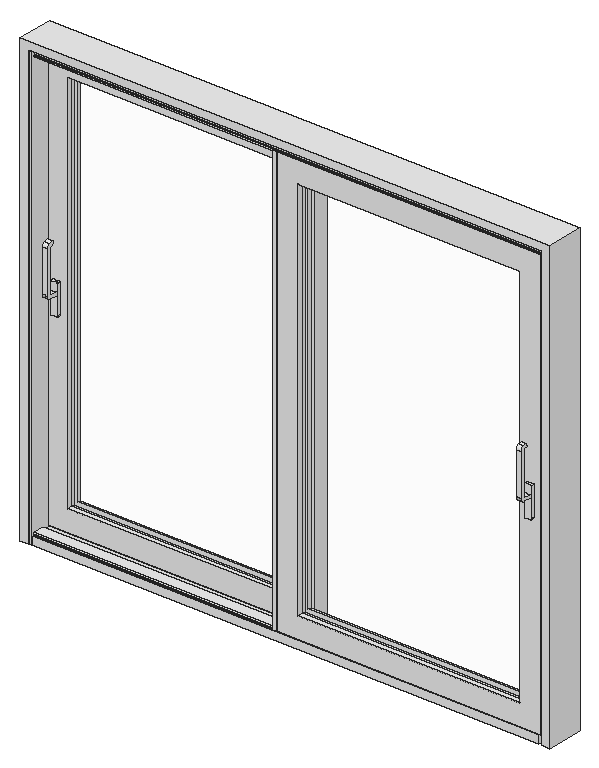
Revit family "heroal S 77 Sliding Door - 2-Parts - D", category Türen, Revit 2017
Family settings
  Basisbauteil = Wand
  OmniClass-Nummer = 23.30.10.00
  OmniClass-Titel = Doors
  Immer vertikal = Ja
  Beim Laden mit Abzugskörper schneiden = Nein
  Gemeinsam genutzt = Nein
  Raumberechnungspunkt = Ja
Parameters (values of type "2600x2200")
  Wind Load Resistance DIN EN 12210 = "C3/B3"
  Wall Thickness [instance] = 350 mm
  URL = "http://www.heroal.com"
  Tightness Against Driving Rain DIN EN 12208 = "9A"
  Soundproofing Class DIN EN ISO 717-1 = "1-3"
  Show Insulation in Detail Level Fine [instance] = yes
  Rough Width = Breite  # 2600 mm
  Rough Height = Height  # 2200 mm
  Reveal Top = 20 mm
  Reveal Right = 20 mm
  Reveal Left = 20 mm
  Profile View Width - Frame Profiles = "40 - 63mm"
  Profile View Width - Cross Bar Profiles = "74 - 104mm"
  Profile View Width - Casement Profiles = "94 - 104mm"
  Profile Installation Depth - Frame Profiles = "178/279mm"
  Profile Installation Depth - Cross Bar Profiles = "72mm"
  Profile Installation Depth - Casement Profiles = "77mm"
  Profile Area [instance] = (Breite - 20 mm) * (Height - 10 mm) - Glazing Area  # 1.58884 m²
  Modell = "heroal S 77"  # constant formula
  Max. Thickness Of Glass/Infill Panel = "52mm"
  Max. Casement Weight = "150 - 400kg"
  Max. Casement Leaf Height = "3000mm"
  Hersteller = "heroal"  # constant formula
  Leaf Width = Breite / 2  # 1300 mm
  Insert Depth [instance] = 125 mm
  Height = 2200 mm
  Wandabschluss = Nach Basisbauteil
  Breite = 2600 mm
  Heat Insulation [Uw in W/m2K] DIN EN ISO 10077-1 = "> 1,1 W/m²K"
  Heat Insulation [Uf in W/m2K]/Standard Profile View DIN EN ISO 10077 = "> 2,9 W/m²K"
  Heat Insulation [Uf in W/m2K] DIN EN ISO 10077 = "> 2,9 W/m²K"
  Glazing Area [instance] = (Breite - 442 mm) * (Height - 318 mm)  # 4.06136 m²
  Glass = heroal Glass
  Edition number = 1
  Door Interior [instance] = heroal Aluminium
  Door Exterior [instance] = heroal Aluminium
  Beschreibung = "heroal S 77 Sliding Systems"  # constant formula
  Copyright = "© heroal. Technical changes reserved."  # constant formula
  Clearance Width [instance] = Breite / 2 - 127 mm  # 1173 mm
  Clearance Height [instance] = Height - 125 mm  # 2075 mm
  Calculated U-Value (W/m²K) [instance] = ((Profile Area / 1.00 m² * 2.20 m²) + (Glazing Area / 1.00 m² * 0.70 m²) + (11.84 m² * 0.04)) / (Profile Area + Glazing Area)  # 1.2056
  Burglary Resistance DIN V ENV 1627 = "up to RC 2"
  Baugruppenkennzeichen = "B2030110"
  Analytische Konstruktion = "<None>"
  Air Permeability DIN EN 12207 = "4"
Types (2, lengths in mm): name | Rough Width | Reveal Left | Profile Area | Leaf Width | Breite | Glazing Area | Clearance Width | Calculated U-Value (W/m²K)
  2400x2200 No Reveal Left | 2400 | 0 | 1.52724 m² | 1200 | 2400 | 3.68496 m² | 1073 | 1.2304
  2600x2200 | 2600 | 20 | 1.58884 m² | 1300 | 2600 | 4.06136 m² | 1173 | 1.2056
Reference planes
  plane 1 "Center (Front/Back)": y = 0
  plane 2 "Center (Left/Right)": x = 0
  plane 3 "Left": x = -1300
  plane 4 "Right": x = 1300
  plane 5 "Sill": z = 0
  plane 6 "Head": z = 2200
  plane 7 "Exterior": y = 175
  plane 8 "Interior": y = -175
  plane 9: x = -1280
  plane 10: x = 1280
  plane 11 "Frame Exterior": y = 50
  plane 12: z = 2180
  plane 13 "Center (Elevation)": z = 1100
  plane 14 "Top Frame": z = 2190
  plane 15: z = -200
  plane 16: x = -1141
  plane 17 "Glass 1": x = -1159
  plane 18 "Glass 2": x = -44
  plane 19: x = -62
  plane 20: x = 62
  plane 21 "Glass 3": x = 44
  plane 22: x = 1141
  plane 23 "Glass 4": x = 1159
  plane 24 "Glass Back 1": y = 35.5
  plane 25 "Glass Front 1": y = -4.5
  plane 26 "Glass Back 2": y = -65.5
  plane 27 "Glass Front 2": y = -105.5
  plane 28 "Glass Bottom": z = 130
  plane 29 "Glass Top": z = 2048
  plane 30 "Door Right": y = -51
  plane 31: x = 1235
  plane 32: x = -1235
  plane 33: x = 601.5
  plane 34 "Handle": x = 1193.5
  plane 35 "Handlle Edge": y = -128
  plane 36: z = 1050
  plane 37: x = -601.5
  plane 38: x = -1290
  plane 39: x = 1290
  plane 40: x = -1193.5
  plane 41: y = -27
Forms (mm)
  Extrusion 1, void
    sketch origin (0, 0, 0) x (1, 0, 0) y (0, 1, 0)
      loop
        line (-1300, -675) -> (1300, -675) -> (1300, 50) -> (-1300, 50) -> (-1300, -675)
    from -200 to 2200
  Extrusion 2, void
    sketch origin (0, 0, 0) x (1, 0, 0) y (0, 1, 0)
      loop
        line (-1280, 675) -> (-1280, 50) -> (1280, 50) -> (1280, 675) -> (-1280, 675)
    from 0 to 2180
  Sweep 3, solid, material "heroal Aluminium" <- "Door Interior"
    path origin (0, 50, 0) x (-1, 0, 0) y (0, 0, 1)
      loop
        line (-1300, 0) -> (-1300, 2190)
    profile "heroal_Profile_Frame : heroal_Profile_Frame" origin (1300, 50, 1095) x (1, 0, 0) y (0, 1, 0)
      loop
        line (-10, 0) -> (-50, 0) -> (-50, -178) -> (-10, -178) -> (-10, 0)
  Sweep 4, solid, material "heroal Aluminium"
    path origin (0, 0, 0) x (0, -1, 0) y (1, 0, 0)
      loop
        line (-50, -1235) -> (-50, 1235)
    profile "heroal_Profile_Bottom : heroal_Profile_Bottom" origin (0, 50, 0) x (0, 1, 0) y (0, 0, 1)
      loop
        line (-111.912, 52) -> (-167.088, 52) -> (-169.955, 44.124) -> (-169.955, 39) -> (-178, 39) -> (-178, 0) -> (0, 0) -> (0, 39) -> (-8.045, 39) -> (-8.045, 44.124) -> (-10.912, 52) -> (-66.088, 52) -> (-68.955, 44.123) -> (-69.037, 34.497) -> (-101.074, 38.999) -> (-109.002, 38.999) -> (-109.002, 44.004) -> (-111.912, 52)
  Sweep 5, solid, material "heroal Aluminium" <- "Door Interior"
    path origin (0, 50, 0) x (-1, 0, 0) y (0, 0, 1)
      loop
        line (1300, 2150) -> (1300, 0)
    profile "heroal_Profile_Sided_Cover : heroal_Profile_Sided_Cover" origin (-1300, 50, 1075) x (-1, 0, 0) y (0, 1, 0)
      loop
        line (-65, -81) -> (-65, -178) -> (-50, -178) -> (-50, -81) -> (-65, -81)
  Sweep 6, solid, material "heroal Aluminium" <- "Door Interior"
    path origin (0, 50, 0) x (1, 0, 0) y (0, 0, 1)
      loop
        line (1300, 2150) -> (1300, 0)
    profile "heroal_Profile_Sided_Cover : heroal_Profile_Sided_Cover" origin (1300, 50, 1075) x (-1, 0, 0) y (0, 1, 0)
      loop
        line (65, 0) -> (50, 0) -> (50, -97) -> (65, -97) -> (65, 0)
  Sweep 7, solid, material "heroal Aluminium" <- "Door Interior"
    path origin (0, 50, 0) x (1, 0, 0) y (0, 0, 1)
      loop
        line (-1300, 0) -> (-1300, 2190)
    profile "heroal_Profile_Frame : heroal_Profile_Frame" origin (-1300, 50, 1095) x (1, 0, 0) y (0, 1, 0)
      loop
        line (10, 0) -> (10, -178) -> (50, -178) -> (50, 0) -> (10, 0)
  Sweep 8, solid, material "heroal Aluminium" <- "Door Interior"
    path origin (0, 50, 0) x (-1, 0, 0) y (0, 0, 1)
      loop
        line (-1290, 2200) -> (1290, 2200)
    profile "heroal_Profile_Frame_Top : heroal_Profile_Frame_Top" origin (0, 50, 2200) x (0, 0, 1) y (0, 1, 0)
      loop
        line (-10, -178) -> (-10, 0) -> (-45, 0) -> (-45, -15.3) -> (-64.279, -15.3) -> (-68.168, -8.564) -> (-73, -7.712) -> (-73, -54) -> (-43.2, -54) -> (-43.2, -52.5) -> (-42, -52.5) -> (-37, -55.387) -> (-37, -122.613) -> (-42, -125.5) -> (-43.2, -125.5) -> (-43.2, -123.999) -> (-73, -124) -> (-73, -170.288) -> (-68.168, -169.436) -> (-64.279, -162.7) -> (-45, -162.7) -> (-45, -178) -> (-10, -178)
Cuts and joins
  joined: Sweep 3, Sweep 7, Sweep 8
Lines and regions (mm)
  Masking region 1
    outline origin (0, 0, 0) x (0, -1, 0) y (1, 0, 0)
      loop
        line (-35.5, -1159) -> (4.5, -1159) -> (4.5, -44) -> (-35.5, -44) -> (-35.5, -1159)
      loop
        line (65.5, 44) -> (105.5, 44) -> (105.5, 1159) -> (65.5, 1159) -> (65.5, 44)
  Masking region 2
    outline origin (0, 0, 0) x (0, -1, 0) y (1, 0, 0)
      loop
        line (-50, 62) -> (51, 62) -> (51, 1235) -> (-50, 1235) -> (-50, 62)
      loop
        line (128, -1235) -> (128, -62) -> (27, -62) -> (27, -1235) -> (128, -1235)
  symbolic lines, detail levels medium+fine
    curve 1: line (44, -85.5, 0) -> (1159, -85.5, 0)
    curve 2: line (-44, 15.5, 0) -> (-1159, 15.5, 0)
    curve 5: line (-1210.25, -27, 0) -> (-1176.75, -27, 0)
    curve 6: line (-1210.25, -41, 0) -> (-1210.25, -27, 0)
    curve 7: line (-1176.75, -41, 0) -> (-1210.25, -41, 0)
    curve 8: line (-1176.75, -27, 0) -> (-1176.75, -41, 0)
    curve 9: line (-1205.052, -91.377, 0) -> (-1205.052, -41, 0)
    curve 10: line (-1186.948, -96.377, 0) -> (-1200.052, -96.377, 0)
    curve 11: line (-1181.948, -41, 0) -> (-1181.948, -91.377, 0)
    curve 12: line (-1205.052, -62.992, 0) -> (-1181.948, -62.992, 0)
    curve 13: line (-1205.052, -66.875, 0) -> (-1181.948, -66.875, 0)
    curve 14: arc (-1200.052, -96.377, 0) -> (-1203.588, -94.912, 0) -> (-1205.052, -91.377, 0) r 5
    curve 15: arc (-1186.948, -96.377, 0) -> (-1183.412, -94.912, 0) -> (-1181.948, -91.377, 0) r 5
  symbolic lines
    curve 3: line (60, -128, 0) -> (1143, -128, 0)
    curve 4: line (-62, 50, 0) -> (-1141, 50, 0)
Text (mm)
  text "EXTERIOR" at (-1963.203, 1332.353, 0), in view "Ref. Level"
  text "INTERIOR" at (-1981.466, -818.386, 0), in view "Ref. Level"
  text "Exterior" at (0, 923.751, 2943.296), in view "Right"
  text "Exterior" at (0, 1040.484, 2685.409), in view "Left"
Dimensions and locks
  equal spacing: plane 3 "Left", plane 2 "Center (Left/Right)", plane 4 "Right"
  "Breite": plane 3 "Left" to plane 4 "Right"
  "Height": plane 5 "Sill" to plane 6 "Head"
  locked: plane 7 "Exterior" to host wall at 0
  locked: plane 8 "Interior" to host wall
  "Insert Depth": plane 11 "Frame Exterior" to plane 7 "Exterior"
  "Reveal Top": plane 12 to plane 6 "Head"
  Extrusion 1 sketch curve to plane 8 "Interior" = 500 mm
  locked: plane 7 "Exterior" to Extrusion 2 sketch curve at 500
  "Reveal Left": plane 3 "Left" to plane 9
  "Reveal Right": plane 10 to plane 4 "Right"
  locked: plane 14 "Top Frame" to plane 6 "Head" at 10
  equal spacing: plane 5 "Sill", plane 13 "Center (Elevation)", plane 6 "Head"
  "Wall Thickness": host wall to host wall
  plane 15 to plane 5 "Sill" = 200 mm
  plane 22 to plane 23 "Glass 4" to plane 4 "Right" = 18 mm locked, 141 mm locked
  plane 19 to plane 18 "Glass 2" to plane 2 "Center (Left/Right)" to plane 21 "Glass 3" to plane 20 = 18 mm locked, 44 mm locked, 44 mm locked, 18 mm locked
  plane 3 "Left" to plane 17 "Glass 1" to plane 16 = 141 mm locked, 18 mm locked
  plane 11 "Frame Exterior" to plane 24 "Glass Back 1" to plane 25 "Glass Front 1" to plane 26 "Glass Back 2" to plane 27 "Glass Front 2" to plane 35 "Handlle Edge" = 14.5 mm locked, 40 mm locked, 61 mm locked, 40 mm locked, 22.5 mm locked
  locked: plane 24 "Glass Back 1" to curve 2 at 20
  plane 30 "Door Right" to plane 26 "Glass Back 2" to curve 1 = 14.5 mm locked, 20 mm locked
  locked: plane 29 "Glass Top" to plane 6 "Head" at 152
  locked: plane 3 "Left" to plane 32 at 65
  locked: plane 31 to plane 4 "Right" at 65
  plane 29 "Glass Top" to plane 28 "Glass Bottom" = 1918 mm
  locked: nested 5 to plane 35 "Handlle Edge" at 100
  plane 5 "Sill" to plane 28 "Glass Bottom" = 130 mm
  locked: plane 34 "Handle" to plane 4 "Right" at 106.5
  locked: plane 36 to plane 5 "Sill" at 1050
  equal spacing: plane 17 "Glass 1", plane 37, plane 18 "Glass 2"
  equal spacing: plane 21 "Glass 3", plane 33, plane 23 "Glass 4"
  locked: plane 3 "Left" to plane 38 at 10
  locked: plane 39 to plane 4 "Right" at 10
  locked: plane 35 "Handlle Edge" to nested 11 at 100
  locked: plane 3 "Left" to plane 40 at 106.5
  locked: plane 11 "Frame Exterior" to plane 41 at 77
  aligned and locked: Extrusion 1 sketch curve to plane 3 "Left"
  aligned and locked: plane 4 "Right" to Extrusion 1 sketch curve
  aligned and locked: Extrusion 1 sketch curve to plane 11 "Frame Exterior"
  aligned: Extrusion 1 to plane 12
  aligned and locked: plane 11 "Frame Exterior" to Extrusion 2 sketch curve
  aligned and locked: plane 9 to Extrusion 2 sketch curve
  aligned and locked: Extrusion 2 sketch curve to plane 10
  aligned and locked: Extrusion 2 to plane 12
  aligned and locked: plane 5 "Sill" to Extrusion 2
  aligned and locked: Extrusion 1 to plane 6 "Head"
  aligned and locked: nested 1 to plane 11 "Frame Exterior"
  aligned and locked: nested 1 to plane 3 "Left"
  aligned and locked: plane 4 "Right" to Sweep 3 sketch curve
  aligned and locked: plane 4 "Right" to nested 2
  aligned and locked: plane 11 "Frame Exterior" to nested 2
  aligned and locked: plane 11 "Frame Exterior" to nested 3
  aligned and locked: plane 2 "Center (Left/Right)" to nested 3
  aligned and locked: Masking region 1 sketch curve to plane 24 "Glass Back 1"
  aligned and locked: Masking region 1 sketch curve to plane 25 "Glass Front 1"
  aligned and locked: plane 27 "Glass Front 2" to Masking region 1 sketch curve
  aligned and locked: Masking region 1 sketch curve to plane 26 "Glass Back 2"
  aligned and locked: plane 11 "Frame Exterior" to Sweep 4 sketch curve
  aligned and locked: plane 32 to Sweep 4 sketch curve
  aligned and locked: plane 31 to Sweep 4 sketch curve
  aligned and locked: nested 4 to plane 33
  aligned and locked: plane 13 "Center (Elevation)" to nested 4
  aligned and locked: nested 5 to plane 33
  aligned and locked: plane 5 "Sill" to Sweep 5 sketch curve
  aligned and locked: plane 3 "Left" to Sweep 5 sketch curve
  aligned and locked: plane 20 to Masking region 2 sketch curve
  aligned and locked: Masking region 2 sketch curve to plane 31
  aligned and locked: plane 30 "Door Right" to Masking region 2 sketch curve
  aligned and locked: Masking region 2 sketch curve to plane 11 "Frame Exterior"
  aligned and locked: plane 32 to Masking region 2 sketch curve
  aligned and locked: Masking region 2 sketch curve to plane 19
  aligned and locked: plane 34 "Handle" to nested 6
  aligned and locked: nested 6 to plane 35 "Handlle Edge"
  aligned and locked: plane 36 to nested 6
  aligned and locked: plane 5 "Sill" to Sweep 3 sketch curve
  aligned and locked: plane 5 "Sill" to Sweep 7 sketch curve
  aligned and locked: plane 14 "Top Frame" to Sweep 7 sketch curve
  aligned and locked: plane 14 "Top Frame" to Sweep 3 sketch curve
  aligned and locked: plane 38 to Sweep 8 sketch curve
  aligned and locked: plane 39 to Sweep 8 sketch curve
  aligned and locked: plane 6 "Head" to Sweep 8 sketch curve
  aligned and locked: plane 33 to nested 7
  aligned and locked: nested 7 to plane 30 "Door Right"
  aligned and locked: plane 37 to nested 8
  aligned and locked: plane 11 "Frame Exterior" to nested 8
  aligned and locked: nested 9 to plane 11 "Frame Exterior"
  aligned and locked: plane 6 "Head" to nested 9
  aligned and locked: nested 10 to plane 37
  aligned and locked: nested 10 to plane 13 "Center (Elevation)"
  aligned and locked: nested 13 to plane 41
  aligned and locked: plane 40 to nested 13
  aligned and locked: nested 13 to plane 36
  aligned and locked: nested 12 to plane 11 "Frame Exterior"
Automatic sketch dimensions
  Masking region 1 sketch curve to plane 17 "Glass 1" = 0 mm
  Masking region 1 sketch curve to plane 18 "Glass 2" = 0 mm
  Masking region 1 sketch curve to plane 23 "Glass 4" = 0 mm
  Masking region 1 sketch curve to plane 21 "Glass 3" = 0 mm
  plane 3 "Left" to Sweep 7 sketch curve = 0 mm
  plane 35 "Handlle Edge" to Masking region 2 sketch curve = 0 mm
  Sweep 5 sketch curve to plane 12 = 30 mm
  Sweep 6 sketch curve to level = 0 mm
  plane 4 "Right" to Sweep 6 sketch curve = 0 mm
  plane 12 to Sweep 6 sketch curve = 30 mm
  Masking region 2 sketch curve to plane 41 = 0 mm
  curve 4 to plane 16 = 0 mm
  curve 4 to plane 11 "Frame Exterior" = 0 mm
  plane 41 to curve 8 = 0 mm
  curve 2 to plane 17 "Glass 1" = 0 mm
  curve 4 to plane 19 = 0 mm
  curve 2 to plane 18 "Glass 2" = 0 mm
  curve 1 to plane 23 "Glass 4" = 0 mm
  plane 30 "Door Right" to curve 7 = 10 mm
  plane 27 "Glass Front 2" to curve 11 = 14.123 mm
  plane 27 "Glass Front 2" to curve 9 = 14.123 mm
  curve 8 to plane 40 = 16.75 mm
  curve 10 to plane 40 = 6.552 mm
  curve 15 to curve 11 = 5 mm
  plane 40 to curve 10 = 6.552 mm
  curve 5 to curve 9 = 5.198 mm
  plane 11 "Frame Exterior" to curve 4 = 0 mm
  plane 26 "Glass Back 2" to curve 12 = 2.508 mm
  curve 13 to plane 26 "Glass Back 2" = 1.375 mm
  plane 35 "Handlle Edge" to curve 3 = 0 mm
  curve 1 to plane 21 "Glass 3" = 0 mm
  curve 3 to plane 20 = 2 mm
  curve 3 to plane 22 = 2 mm
Nested families
  nested 1: "heroal_Detail_Frame_Left" at (-1300, 50, 0), type "heroal_Detail_Frame_Left"
  nested 2: "heroal_Detail_Frame_Right" at (1300, 50, 0) x (1, 0, 0) z (0, 0, -1), type "heroal_Detail_Frame_Right"
  nested 3: "heroal_Detail_Frame_Center" at (0, 50, 0) x (1, 0, 0) z (0, 0, -1), type "heroal_Detail_Frame_Center"
  nested 4: "heroal_Detail_Arrow" at (601.5, 50, 1100) x (1, 0, 0) z (0, 1, 0), type "heroal_Detail_Arrow"
    with Fixed no, Arrow yes
  nested 5: "heroal_Detail_Arrow" at (601.5, -228, 0) x (1, 0, 0) z (0, 0, -1), type "heroal_Detail_Arrow"
    with Fixed no, Arrow yes
  nested 6: "heroal_Handle" at (1193.5, -128, 1050), type "heroal_Handle"
  nested 7: "Leaf" at (553, -128, 0), Breite <- "Leaf Width", Height <- "Height", Door Exterior <- "Door Exterior", Door Interior <- "Door Interior", Glass <- "Glass", Show Insulation <- "Show Insulation in Detail Level Fine", type "Leaf"
    with Breite 1300 mm, Show Insulation yes, Interior yes, Height 2200 mm, Glass heroal Glass, Fixed Glazing no, Exterior no, Door Interior heroal Aluminium, Door Exterior heroal Aluminium, Door yes
  nested 8: "Leaf" at (-553, -27, 0) x (-1, 0, 0) z (0, 0, 1), Breite <- "Leaf Width", Height <- "Height", Door Exterior <- "Door Exterior", Door Interior <- "Door Interior", Glass <- "Glass", Show Insulation <- "Show Insulation in Detail Level Fine", type "Leaf"
    with Breite 1300 mm, Show Insulation yes, Interior no, Height 2200 mm, Glass heroal Glass, Fixed Glazing no, Exterior yes, Door Interior heroal Aluminium, Door Exterior heroal Aluminium, Door yes
  nested 9: "heroal_Detail_Frame_Top" at (0, 50, 2200) x (0, -1, 0) z (-1, 0, 0), type "heroal_Detail_Frame_Top"
  nested 10: "heroal_Detail_Arrow" at (-601.5, 50, 1100) x (-1, 0, 0) z (0, 1, 0), type "heroal_Detail_Arrow"
    with Fixed no, Arrow yes
  nested 11: "heroal_Detail_Arrow" at (-601.5, -228, 0) x (-1, 0, 0) z (0, 0, -1), type "heroal_Detail_Arrow"
    with Fixed no, Arrow yes
  nested 12: "heroal_Detail_Frame_Bottom_Fixed" at (0, 50, 0) x (0, -1, 0) z (-1, 0, 0), type "heroal_Detail_Frame_Bottom_Fixed"
    with Show Insulation yes
  nested 13: "heroal_Handle" at (-1193.5, -27, 1050) x (-1, 0, 0) z (0, 0, 1), type "heroal_Handle"
Definition of nested family "heroal_Handle"
  Parameters (values of type "heroal_Handle")
    Assembly Code = ""
  Reference planes
    plane 1 "Center (Front/Back)": y = 0
    plane 2: z = 0
    plane 3 "Center (Left/Right)": x = 0
    plane 4 "Back": y = 77
  Forms (mm)
    Sweep 1, solid
      path origin (0, 0, 0) x (0, 1, 0) y (0, 0, -1)
        loop
          line (-6.292, -24.205) -> (-52.748, -28.27)
          arc (-52.748, -28.27) -> (-59.25, -31.476) -> (-61.877, -38.232) r 10
          line (-61.877, -38.232) -> (-61.877, -245.611)
          arc (-61.877, -245.611) -> (-59.81, -251.699) -> (-54.465, -255.271) r 10
          line (-54.465, -255.271) -> (-37.933, -259.7)
      profile origin (0, -46.199, 257.486) x (0, 0.258819, -0.965926) y (-1, 0, 0)
        loop
          line (7.5, -11.552) -> (7.5, 11.552) -> (-7.5, 11.552) -> (-7.5, -11.552) -> (7.5, -11.552)
    Extrusion 2, solid
      sketch origin (-132.182, 0, 0) x (1, 0, 0) y (0, 0, 1)
        loop
          arc (143.932, -76) -> (147.467, -74.536) -> (148.932, -71) r 5
          line (148.932, -71) -> (148.932, 71)
          arc (148.932, 71) -> (147.467, 74.536) -> (143.932, 76) r 5
          line (143.932, 76) -> (120.432, 76)
          arc (120.432, 76) -> (116.896, 74.536) -> (115.432, 71) r 5
          line (115.432, 71) -> (115.432, -71)
          arc (115.432, -71) -> (116.896, -74.536) -> (120.432, -76) r 5
          line (120.432, -76) -> (143.932, -76)
      from 0 to 14
    Extrusion 3, solid, detail levels medium+fine
      sketch origin (0, 77, 24.491) x (-1, 0, 0) y (0, 0, 1)
        loop
          arc (21, 50) -> (19.536, 53.536) -> (16, 55) r 5
          line (16, 55) -> (-16, 55)
          arc (-16, 55) -> (-19.536, 53.536) -> (-21, 50) r 5
          line (-21, 50) -> (-21, -98.983)
          arc (-21, -98.983) -> (-19.536, -102.518) -> (-16, -103.983) r 5
          line (-16, -103.983) -> (16, -103.983)
          arc (16, -103.983) -> (19.536, -102.518) -> (21, -98.983) r 5
          line (21, -98.983) -> (21, 50)
        loop
          line (-6.5, -37.457) -> (6.5, -37.457)
          arc (6.5, -37.457) -> (11.066, -35.566) -> (12.957, -31) r 6.457
          line (12.957, -31) -> (12.957, 31)
          arc (12.957, 31) -> (11.066, 35.566) -> (6.5, 37.457) r 6.457
          line (6.5, 37.457) -> (-6.5, 37.457)
          arc (-6.5, 37.457) -> (-11.066, 35.566) -> (-12.957, 31) r 6.457
          line (-12.957, 31) -> (-12.957, -31)
          arc (-12.957, -31) -> (-11.066, -35.566) -> (-6.5, -37.457) r 6.457
      from 0 to 3
    Extrusion 4, solid, detail levels medium+fine
      sketch origin (0, 77, 24.491) x (-1, 0, 0) y (0, 0, 1)
        loop
          line (-6.5, -37.457) -> (6.5, -37.457)
          arc (6.5, -37.457) -> (11.066, -35.566) -> (12.957, -31) r 6.457
          line (12.957, -31) -> (12.957, 31)
          arc (12.957, 31) -> (11.066, 35.566) -> (6.5, 37.457) r 6.457
          line (6.5, 37.457) -> (-6.5, 37.457)
          arc (-6.5, 37.457) -> (-11.066, 35.566) -> (-12.957, 31) r 6.457
          line (-12.957, 31) -> (-12.957, -31)
          arc (-12.957, -31) -> (-11.066, -35.566) -> (-6.5, -37.457) r 6.457
      from 0 to 1.5
  Cuts and joins
    joined: Sweep 1, Extrusion 2
  Lines and regions (mm)
    Masking region 1, detail levels medium+fine
      outline origin (-0.75, 0, 0) x (1, 0, 0) y (0, 1, 0)
        loop
          line (17.5, 0) -> (-16, 0) -> (-16, -14) -> (17.5, -14) -> (17.5, 0)
    Masking region 2, detail levels medium+fine
      outline origin (4.448, -14, 0) x (1, 0, 0) y (0, 1, 0)
        loop
          line (7.105, 0) -> (-16, 0) -> (-16, -50.352)
          arc (-16, -50.352) -> (-14.536, -53.887) -> (-11, -55.352) r 5
          line (-11, -55.352) -> (2.105, -55.352)
          arc (2.105, -55.352) -> (5.64, -53.887) -> (7.105, -50.352) r 5
          line (7.105, -50.352) -> (7.105, 0)
    symbolic lines, detail levels medium+fine
      curve 1: line (11.552, -39.875, 0) -> (-11.552, -39.875, 0)
      curve 2: line (11.552, -35.992, 0) -> (-11.552, -35.992, 0)
  Dimensions and locks
    aligned and locked: level to plane 2
Definition of nested family "Leaf"
  Parameters (values of type "Leaf")
    Width [instance] = 1500 mm
    Show Insulation [instance] = yes
    Interior [instance] = yes
    Height [instance] = 2200 mm
    Glass [instance] = none
    Fixed Glazing [instance] = not(Door)  # yes
    Exterior [instance] = yes
    Door Interior [instance] = none
    Door Exterior [instance] = none
    Door [instance] = no
    Assembly Code = ""
    Analytic Construction = "<None>"
  Reference planes
    plane 1 "Back": y = 0
    plane 2 "Bottom": z = 0
    plane 3 "Center (Left/Right)": x = 0
    plane 4 "Left": x = -750
    plane 5 "Right": x = 750
    plane 6: z = 2200
    plane 7: z = 130
    plane 8: z = 2048
    plane 9: x = -609
    plane 10: x = 706
    plane 11: x = 48.5
    plane 12: z = -22
    plane 13: z = 44
    plane 14: z = 2134
    plane 15: y = -77
  Forms (mm)
    Sweep 1, solid, material <- "Door Interior"
      path origin (0, 0, 0) x (1, 0, 0) y (0, 0, 1)
        loop
          line (-609, 2048) -> (-609, 130) -> (706, 130) -> (706, 2048) -> (-609, 2048)
      profile "heroal_Profile_Leaf : heroal_Profile_Leaf" origin (-609, 0, 1089) x (1, 0, 0) y (0, -1, 0)
        loop
          line (-86, 77) -> (-86, 72.5) -> (-58, 72.5) -> (-58, 4.5) -> (-86, 4.5) -> (-86, 0) -> (18, 0) -> (18, 22.5) -> (0, 22.5) -> (0, 62.5) -> (18, 62.5) -> (18, 77) -> (-86, 77)
    Extrusion 2, solid, material <- "Glass"
      sketch origin (0, 0, 0) x (1, 0, 0) y (0, 0, 1)
        loop
          line (-609, 2048) -> (-609, 130) -> (706, 130) -> (706, 2048) -> (-609, 2048)
      from 22.5 to 62.5
    Extrusion 3, solid, material <- "Door Exterior", visible <- "Exterior"
      sketch origin (97, 0, 0) x (-1, 0, 0) y (0, -1, 0)
        loop
          line (792, 0) -> (812, 0) -> (812, 77) -> (792, 77) -> (792, 0)
      from 44 to 2134
    Extrusion 4, solid, material <- "Door Interior", visible <- "Interior"
      sketch origin (97, 0, 0) x (-1, 0, 0) y (0, -1, 0)
        loop
          line (792, 0) -> (812, 0) -> (812, 77) -> (792, 77) -> (792, 0)
      from 44 to 2134
  Lines and regions (mm)
    symbolic lines, detail levels medium+fine
      curve 1: line (0, -42.5, 2048) -> (0, -42.5, 130)
  Dimensions and locks
    equal spacing: plane 4 "Left", plane 3 "Center (Left/Right)", plane 5 "Right"
    "Width": plane 4 "Left" to plane 5 "Right"
    "Height": plane 6 to plane 2 "Bottom"
    locked: plane 7 to plane 2 "Bottom" at 130
    locked: plane 6 to plane 8 at 152
    locked: plane 4 "Left" to plane 9 at 141
    locked: plane 10 to plane 5 "Right" at 44
    locked: plane 3 "Center (Left/Right)" to plane 11 at 48.5
    locked: plane 2 "Bottom" to plane 12 at 22
    locked: plane 13 to plane 12 at 66
    locked: plane 6 to plane 14 at 66
    locked: plane 1 "Back" to plane 15 at 77
    aligned and locked: level to plane 2 "Bottom"
    aligned and locked: Sweep 1 sketch curve to plane 9
    aligned and locked: Sweep 1 sketch curve to plane 8
    aligned and locked: Sweep 1 sketch curve to plane 10
    aligned and locked: Sweep 1 sketch curve to plane 7
    aligned and locked: Extrusion 2 sketch curve to plane 8
    aligned and locked: plane 9 to Extrusion 2 sketch curve
    aligned and locked: plane 7 to Extrusion 2 sketch curve
    aligned and locked: nested 1 to plane 6
    aligned and locked: nested 1 to plane 1 "Back"
    aligned and locked: nested 2 to plane 6
    aligned and locked: nested 2 to plane 1 "Back"
    aligned and locked: plane 13 to Extrusion 3
    aligned and locked: Extrusion 3 to plane 14
    aligned and locked: plane 13 to Extrusion 4
    aligned and locked: Extrusion 4 to plane 14
    aligned and locked: plane 12 to nested 3
    aligned and locked: plane 1 "Back" to nested 3
  Automatic sketch dimensions
    curve 1 to plane 7 = 0 mm
    curve 1 to plane 8 = 0 mm
    curve 1 to plane 15 = 34.5 mm
    Extrusion 2 sketch curve to plane 10 = 0 mm
    plane 15 to Extrusion 3 sketch curve = 0 mm
    Extrusion 3 sketch curve to plane 4 "Left" = 55 mm
    Extrusion 3 sketch curve to Extrusion 3 sketch curve = 20 mm
    Extrusion 3 sketch curve to plane 1 "Back" = 0 mm
    plane 15 to Extrusion 4 sketch curve = 0 mm
    Extrusion 4 sketch curve to plane 4 "Left" = 55 mm
    Extrusion 4 sketch curve to plane 4 "Left" = 35 mm
    Extrusion 4 sketch curve to plane 1 "Back" = 0 mm
  Nested families
    nested 1: "heroal_Detail_Frame_Top" at (0, -178, 2200) x (0, 1, 0) z (1, 0, 0), visible <- "Door", type "heroal_Detail_Frame_Top"
      with Show Insulation yes
    nested 2: "heroal_Detail_Frame_Top_Fixed" at (0, -178, 2200) x (0, 1, 0) z (1, 0, 0), visible <- "Fixed Glazing", type "heroal_Detail_Frame_Top_Fixed"
      with Top Insulation yes, Top yes, Bottom Insulation no, Bottom no
    nested 3: "heroal_Detail_Frame_Top_Fixed" at (0, -178, -22) x (0, 1, 0) z (1, 0, 0), visible <- "Door", type "heroal_Detail_Frame_Top_Fixed"
      with Top Insulation no, Top no, Bottom Insulation yes, Bottom yes
  Definition of nested family "heroal_Detail_Frame_Top"
    Parameters (values of type "heroal_Detail_Frame_Top")
      Show Insulation = no
      Assembly Code = ""
    Reference planes
      plane 1 "Center (Front/Back)": y = 0
      plane 2: z = 0
      plane 3 "Center (Left/Right)": x = 0
      plane 4: x = 178
    Lines and regions (mm)
      Filled region 1, type "heroal_Insulation", in view "Ref. Level", visible <- "Show Insulation", detail levels fine
        outline origin (781.247, -167.37, 0) x (1, 0, 0) y (0, 1, 0)
          loop
            line (-652.878, 30.672) -> (-642.462, 30.672) -> (-642.444, 32.314) -> (-641.261, 34.363) -> (-639.247, 35.609) -> (-639.247, 43.97) -> (-647.547, 43.969) -> (-647.547, 63.87) -> (-649.261, 65.115) -> (-650.447, 67.438) -> (-650.461, 68.77) -> (-652.878, 68.77) -> (-654.322, 67.07) -> (-656.054, 66.07) -> (-660.44, 66.07) -> (-662.172, 67.07) -> (-663.616, 68.77) -> (-666.033, 68.77) -> (-666.047, 67.438) -> (-667.233, 65.115) -> (-669.247, 63.87) -> (-669.247, 35.569) -> (-667.233, 34.324) -> (-666.05, 32.274) -> (-666.033, 30.672) -> (-663.616, 30.672) -> (-662.923, 31.072) -> (-662.172, 32.372) -> (-661.44, 33.104) -> (-660.44, 33.372) -> (-656.054, 33.372) -> (-655.054, 33.104) -> (-654.322, 32.372) -> (-653.571, 31.072) -> (-652.878, 30.672)
          loop
            line (-678.247, 73.37) -> (-605.247, 73.37) -> (-605.247, 77.17) -> (-608.947, 77.17) -> (-608.947, 84.37) -> (-674.547, 84.37) -> (-674.547, 77.17) -> (-678.247, 77.17) -> (-678.247, 73.37)
  Definition of nested family "heroal_Detail_Frame_Top_Fixed"
    Parameters (values of type "heroal_Detail_Frame_Top_Fixed")
      Top Insulation [instance] = and(Top, Show Insulation)  # yes
      Top [instance] = yes
      Show Insulation = yes
      Bottom Insulation [instance] = and(Bottom, Show Insulation)  # yes
      Bottom [instance] = yes
      Assembly Code = ""
    Reference planes
      plane 1 "Center (Front/Back)": y = 0
      plane 2: z = 0
      plane 3 "Center (Left/Right)": x = 0
      plane 4: x = 178
    Lines and regions (mm)
      Filled region 1, type "heroal_Insulation", in view "Ref. Level", visible <- "Top Insulation", detail levels fine
        outline origin (781.247, -167.37, 0) x (1, 0, 0) y (0, 1, 0)
          loop
            line (-652.878, 30.672) -> (-642.462, 30.672) -> (-642.444, 32.314) -> (-641.261, 34.363) -> (-639.247, 35.609) -> (-639.247, 43.97) -> (-647.547, 43.969) -> (-647.547, 63.87) -> (-649.261, 65.115) -> (-650.447, 67.438) -> (-650.461, 68.77) -> (-652.878, 68.77) -> (-654.322, 67.07) -> (-656.054, 66.07) -> (-660.44, 66.07) -> (-662.172, 67.07) -> (-663.616, 68.77) -> (-666.033, 68.77) -> (-666.047, 67.438) -> (-667.233, 65.115) -> (-669.247, 63.87) -> (-669.247, 35.569) -> (-667.233, 34.324) -> (-666.05, 32.274) -> (-666.033, 30.672) -> (-663.616, 30.672) -> (-662.923, 31.072) -> (-662.172, 32.372) -> (-661.44, 33.104) -> (-660.44, 33.372) -> (-656.054, 33.372) -> (-655.054, 33.104) -> (-654.322, 32.372) -> (-653.571, 31.072) -> (-652.878, 30.672)
          loop
            line (-678.247, 73.37) -> (-605.247, 73.37) -> (-605.247, 77.17) -> (-608.947, 77.17) -> (-608.947, 84.37) -> (-674.547, 84.37) -> (-674.547, 77.17) -> (-678.247, 77.17) -> (-678.247, 73.37)
      Filled region 2, type "heroal_Insulation", in view "Ref. Level", visible <- "Bottom Insulation", detail levels fine
        outline origin (781.247, -167.37, 0) x (1, 0, 0) y (0, 1, 0)
          loop
            line (-652.878, 30.672) -> (-642.462, 30.672) -> (-642.444, 32.314) -> (-641.261, 34.363) -> (-639.247, 35.609) -> (-639.247, 43.97) -> (-647.547, 43.969) -> (-647.547, 63.87) -> (-649.261, 65.115) -> (-650.447, 67.438) -> (-650.461, 68.77) -> (-652.878, 68.77) -> (-654.322, 67.07) -> (-656.054, 66.07) -> (-660.44, 66.07) -> (-662.172, 67.07) -> (-663.616, 68.77) -> (-666.033, 68.77) -> (-666.047, 67.438) -> (-667.233, 65.115) -> (-669.247, 63.87) -> (-669.247, 35.569) -> (-667.233, 34.324) -> (-666.05, 32.274) -> (-666.033, 30.672) -> (-663.616, 30.672) -> (-662.923, 31.072) -> (-662.172, 32.372) -> (-661.44, 33.104) -> (-660.44, 33.372) -> (-656.054, 33.372) -> (-655.054, 33.104) -> (-654.322, 32.372) -> (-653.571, 31.072) -> (-652.878, 30.672)
          loop
            line (-678.247, 73.37) -> (-647.547, 73.37) -> (-647.547, 93.37) -> (-674.547, 93.37) -> (-674.547, 77.17) -> (-678.247, 77.17) -> (-678.247, 73.37)
Definition of nested family "heroal_Detail_Frame_Left"
  Parameters (values of type "heroal_Detail_Frame_Left")
    Show Insulation = yes
    Assembly Code = ""
  Reference planes
    plane 1 "Center (Front/Back)": y = 0
    plane 2: z = 0
    plane 3 "Center (Left/Right)": x = 0
    plane 4: y = -178
  Lines and regions (mm)
    Filled region 1, type "heroal_Insulation", in view "Ref. Level", visible <- "Show Insulation", detail levels fine
      outline origin (224.267, -109.104, 0) x (1, 0, 0) y (0, 1, 0)
        loop
          line (-204.567, 38.604) -> (-205.088, 37.006) -> (-207.878, 35.404) -> (-209.457, 35.404) -> (-207.276, 34.078) -> (-207.276, 6.13) -> (-209.457, 4.804) -> (-207.878, 4.804) -> (-205.088, 3.202) -> (-204.567, 1.604) -> (-196.477, 1.604) -> (-195.956, 3.202) -> (-193.166, 4.804) -> (-191.587, 4.804) -> (-193.768, 6.13) -> (-193.768, 34.078) -> (-191.587, 35.404) -> (-193.166, 35.404) -> (-195.956, 37.006) -> (-196.477, 38.604) -> (-204.567, 38.604)
        loop
          line (-141.267, 107.104) -> (-145.467, 107.104) -> (-145.467, 104.604) -> (-153.461, 104.604) -> (-173.267, 87.985) -> (-173.267, 53.213) -> (-153.467, 36.599) -> (-145.467, 36.599) -> (-145.467, 34.104) -> (-141.267, 34.104) -> (-141.267, 107.104)
        loop
          line (-98.569, 94.904) -> (-100.167, 94.904) -> (-102.221, 96.09) -> (-103.466, 98.104) -> (-129.524, 98.104) -> (-135.067, 94.904) -> (-136.667, 94.904) -> (-136.667, 92.011) -> (-133.967, 90.452) -> (-133.967, 83.756) -> (-136.667, 82.197) -> (-136.667, 79.304) -> (-135.067, 79.304) -> (-132.971, 78.094) -> (-131.767, 76.404) -> (-111.867, 76.404) -> (-111.867, 68.104) -> (-103.506, 68.104) -> (-102.262, 70.094) -> (-100.096, 71.304) -> (-98.569, 71.304) -> (-98.569, 82.197) -> (-101.269, 83.756) -> (-101.269, 90.452) -> (-98.569, 92.011) -> (-98.569, 94.904)
    Masking region 1, in view "Ref. Level", detail levels coarse+medium
      outline origin (500, 0, 0) x (0, 1, 0) y (-1, 0, 0)
        loop
          line (0, 450) -> (0, 490) -> (-178, 490) -> (-178, 450) -> (0, 450)
    Masking region 2, in view "Ref. Level", detail levels coarse+medium
      outline origin (0, 0, 0) x (1, 0, 0) y (0, 1, 0)
        loop
          line (50, 0) -> (50, -178) -> (65, -178) -> (65, -77) -> (159, -77) -> (159, -54.5) -> (141, -54.5) -> (141, -14.5) -> (159, -14.5) -> (159, 0) -> (50, 0)
    detail lines, in view "Ref. Level", detail levels coarse+medium
      curve 1: line (50, -81, 0) -> (50, -178, 0)
      curve 2: line (65, -77, 0) -> (50, -77, 0)
Definition of nested family "heroal_Detail_Frame_Right"
  Parameters (values of type "heroal_Detail_Frame_Right")
    Show Insulation = yes
    Assembly Code = ""
  Reference planes
    plane 1 "Center (Front/Back)": y = 0
    plane 2: z = 0
    plane 3 "Center (Left/Right)": x = 0
    plane 4: y = -178
  Lines and regions (mm)
    Filled region 1, type "heroal_Insulation", in view "Ref. Level", visible <- "Show Insulation", detail levels fine
      outline origin (224.267, -109.104, 0) x (1, 0, 0) y (0, 1, 0)
        loop
          line (-252.057, 38.604) -> (-252.577, 37.006) -> (-255.368, 35.404) -> (-256.946, 35.404) -> (-254.766, 34.078) -> (-254.766, 6.13) -> (-256.946, 4.804) -> (-255.368, 4.804) -> (-252.577, 3.202) -> (-252.057, 1.604) -> (-243.967, 1.604) -> (-243.446, 3.202) -> (-240.655, 4.804) -> (-239.077, 4.804) -> (-241.258, 6.13) -> (-241.258, 34.078) -> (-239.077, 35.404) -> (-240.655, 35.404) -> (-243.446, 37.006) -> (-243.967, 38.604) -> (-252.057, 38.604)
        loop
          line (-349.964, -8.989) -> (-347.264, -10.548) -> (-347.264, -17.244) -> (-349.964, -18.803) -> (-349.964, -29.696) -> (-348.437, -29.696) -> (-346.271, -30.906) -> (-345.028, -32.896) -> (-336.667, -32.896) -> (-336.667, -24.596) -> (-316.767, -24.596) -> (-315.562, -22.906) -> (-313.467, -21.696) -> (-311.867, -21.696) -> (-311.867, -18.803) -> (-314.567, -17.244) -> (-314.567, -10.548) -> (-311.867, -8.989) -> (-311.867, -6.096) -> (-313.467, -6.096) -> (-319.01, -2.896) -> (-345.067, -2.896) -> (-346.313, -4.91) -> (-348.367, -6.096) -> (-349.964, -6.096) -> (-349.964, -8.989)
    Masking region 1, in view "Ref. Level", visible <- "Show Insulation", detail levels coarse+medium
      outline origin (-500, 0, 0) x (1, 0, 0) y (0, 1, 0)
        loop
          line (450, 0) -> (450, -178) -> (490, -178) -> (490, 0) -> (450, 0)
    Masking region 2, in view "Ref. Level", detail levels coarse+medium
      outline origin (0, -178, 0) x (-1, 0, 0) y (0, -1, 0)
        loop
          line (50, 0) -> (50, -178) -> (65, -178) -> (65, -77) -> (159, -77) -> (159, -62.5) -> (141, -62.5) -> (141, -22.5) -> (159, -22.5) -> (159, 0) -> (50, 0)
    detail lines, in view "Ref. Level", detail levels coarse+medium
      curve 1: line (-65, -101, 0) -> (-50, -101, 0)
Definition of nested family "heroal_Detail_Frame_Center"
  Parameters (values of type "heroal_Detail_Frame_Center")
    Show Insulation = yes
    Assembly Code = ""
  Reference planes
    plane 1 "Center (Front/Back)": y = 0
    plane 2: z = 0
    plane 3 "Center (Left/Right)": x = 0
    plane 4: y = -178
  Lines and regions (mm)
    Filled region 1, type "heroal_Insulation", in view "Ref. Level", visible <- "Show Insulation", detail levels fine
      outline origin (224.267, -109.104, 0) x (1, 0, 0) y (0, 1, 0)
        loop
          line (-252.964, 92.011) -> (-250.264, 90.452) -> (-250.264, 83.756) -> (-252.964, 82.197) -> (-252.964, 71.304) -> (-251.437, 71.304) -> (-249.271, 70.094) -> (-248.028, 68.104) -> (-239.667, 68.104) -> (-239.667, 76.404) -> (-219.767, 76.404) -> (-218.562, 78.094) -> (-216.467, 79.304) -> (-214.867, 79.304) -> (-214.867, 82.197) -> (-217.567, 83.756) -> (-217.567, 90.452) -> (-214.867, 92.011) -> (-214.867, 94.904) -> (-216.467, 94.904) -> (-222.01, 98.104) -> (-248.067, 98.104) -> (-249.313, 96.09) -> (-251.367, 94.904) -> (-252.964, 94.904) -> (-252.964, 92.011)
        loop
          line (-195.57, -8.989) -> (-195.57, -6.096) -> (-197.167, -6.096) -> (-199.221, -4.91) -> (-200.466, -2.896) -> (-226.524, -2.896) -> (-232.067, -6.096) -> (-233.667, -6.096) -> (-233.667, -8.989) -> (-230.967, -10.548) -> (-230.967, -17.244) -> (-233.667, -18.803) -> (-233.667, -21.696) -> (-232.067, -21.696) -> (-229.971, -22.906) -> (-228.767, -24.596) -> (-208.867, -24.596) -> (-208.867, -32.896) -> (-200.506, -32.896) -> (-199.262, -30.906) -> (-197.096, -29.696) -> (-195.569, -29.696) -> (-195.569, -18.803) -> (-198.27, -17.244) -> (-198.27, -10.548) -> (-195.57, -8.989)
        loop
          line (-210.267, 107.104) -> (-210.267, 34.104) -> (-206.067, 34.104) -> (-206.067, 36.599) -> (-188.767, 36.599) -> (-188.767, 39.602) -> (-163.767, 39.602) -> (-163.767, 102.58) -> (-188.267, 102.58) -> (-188.267, 104.602) -> (-206.067, 104.599) -> (-206.067, 107.104) -> (-210.267, 107.104)
        loop
          line (-238.267, 6.104) -> (-242.467, 6.104) -> (-242.467, 3.604) -> (-259.767, 3.604) -> (-259.767, 0.606) -> (-284.767, 0.609) -> (-284.767, -62.372) -> (-260.267, -62.372) -> (-260.267, -64.401) -> (-242.467, -64.401) -> (-242.467, -66.896) -> (-238.267, -66.896) -> (-238.267, 6.104)
    Masking region 1, in view "Ref. Level", detail levels coarse+medium
      outline origin (0, -178, 0) x (-1, 0, 0) y (0, -1, 0)
        loop
          line (-62, -101) -> (-62, -178) -> (62, -178) -> (62, -163.5) -> (44, -163.5) -> (44, -123.5) -> (62, -123.5) -> (62, -101) -> (-62, -101)
        loop
          line (62, -77) -> (62, 0) -> (-62, 0) -> (-62, -22.5) -> (-44, -22.5) -> (-44, -62.5) -> (-62, -62.5) -> (-62, -77) -> (62, -77)
    Masking region 2, in view "Ref. Level", detail levels medium
      outline origin (0, 0, 0) x (1, 0, 0) y (0, 1, 0)
        loop
          line (-62, -83) -> (-62, -101) -> (6, -101) -> (6, -98.5) -> (-12.5, -98.5) -> (-12.5, -87.5) -> (4, -87.5) -> (4, -83) -> (-62, -83)
        loop
          line (-6, -79.5) -> (12.5, -79.5) -> (12.5, -90.5) -> (-4, -90.5) -> (-4, -95) -> (62, -95) -> (62, -77) -> (-6, -77) -> (-6, -79.5)
    Masking region 3, in view "Ref. Level", detail levels coarse
      outline origin (-56, -184, 0) x (-1, 0, 0) y (0, -1, 0)
        loop
          line (-118, -83) -> (-118, -107) -> (6, -107) -> (6, -83) -> (-118, -83)
Definition of nested family "heroal_Detail_Arrow"
  Parameters (values of type "heroal_Detail_Arrow")
    Fixed [instance] = yes
    Assembly Code = ""
    Arrow [instance] = yes
  Reference planes
    plane 1 "Center (Front/Back)": y = 0
    plane 2: z = 0
    plane 3 "Center (Left/Right)": x = 0
  Lines and regions (mm)
    detail lines, in view "Ref. Level", visible <- "Arrow", detail levels medium+fine
      curve 1: line (-150, 0, 0) -> (150, 0, 0)
      curve 2: line (-150, 30, 0) -> (-210, 0, 0)
      curve 3: line (-150, -30, 0) -> (-150, 30, 0)
      curve 4: line (-210, 0, 0) -> (-150, -30, 0)
      curve 5: line (150, 0, 0) -> (150, -90, 0)
    detail lines, in view "Ref. Level", visible <- "Fixed", detail levels medium+fine
      curve 6: line (0, -75, 0) -> (0, 75, 0)
      curve 7: line (-75, 0, 0) -> (75, 0, 0)
Definition of nested family "heroal_Detail_Frame_Top"
  Parameters (values of type "heroal_Detail_Frame_Top")
    Show Insulation = yes
    Assembly Code = ""
  Reference planes
    plane 1 "Center (Front/Back)": y = 0
    plane 2: z = 0
    plane 3 "Center (Left/Right)": x = 0
    plane 4: x = 178
  Lines and regions (mm)
    Filled region 1, type "heroal_Insulation", in view "Ref. Level", visible <- "Show Insulation", detail levels fine
      outline origin (781.247, -167.37, 0) x (1, 0, 0) y (0, 1, 0)
        loop
          line (-676.6, 150.368) -> (-707.894, 150.368) -> (-709.452, 147.67) -> (-710.747, 147.67) -> (-710.747, 139.57) -> (-709.452, 139.57) -> (-707.906, 136.892) -> (-676.601, 136.869) -> (-675.042, 139.57) -> (-673.747, 139.57) -> (-673.747, 147.67) -> (-675.042, 147.67) -> (-676.6, 150.368)
    Masking region 1, in view "Ref. Level", detail levels coarse+medium
      outline origin (0, 0, 0) x (1, 0, 0) y (0, 1, 0)
        loop
          line (0, -10) -> (0, -45) -> (15.3, -45) -> (15.3, -49) -> (44, -49) -> (44, -45) -> (54, -45) -> (54, -43.2) -> (52.5, -43.2) -> (52.5, -42) -> (55.387, -37) -> (122.613, -37) -> (125.5, -42) -> (125.5, -43.2) -> (124, -43.2) -> (124, -45) -> (134, -45) -> (134, -49) -> (162.7, -49) -> (162.7, -45) -> (176, -45) -> (176, -48.5) -> (173.7, -48.5) -> (173.7, -50) -> (178, -50) -> (178, -10) -> (0, -10)
Definition of nested family "heroal_Detail_Frame_Bottom_Fixed"
  Parameters (values of type "heroal_Detail_Frame_Bottom_Fixed")
    Show Insulation = no
    Assembly Code = ""
  Reference planes
    plane 1 "Center (Front/Back)": y = 0
    plane 2: z = 0
    plane 3 "Center (Left/Right)": x = 0
    plane 4: x = 178
  Lines and regions (mm)
    Filled region 1, type "heroal_Insulation", in view "Ref. Level", visible <- "Show Insulation", detail levels fine
      outline origin (781.247, -177.37, 0) x (1, 0, 0) y (0, 1, 0)
        loop
          line (-680.453, 179.47) -> (-677.765, 182.171) -> (-676.931, 182.171) -> (-676.95, 183.765) -> (-675.751, 185.824) -> (-673.737, 187.068) -> (-673.747, 188.17) -> (-675.751, 189.414) -> (-676.95, 191.473) -> (-676.931, 193.067) -> (-677.765, 193.067) -> (-680.453, 195.768) -> (-704.042, 195.767) -> (-706.729, 193.067) -> (-707.563, 193.067) -> (-707.544, 191.473) -> (-708.743, 189.414) -> (-710.747, 188.17) -> (-710.757, 187.068) -> (-708.748, 185.832) -> (-707.544, 183.765) -> (-707.563, 182.171) -> (-706.729, 182.171) -> (-704.042, 179.471) -> (-680.453, 179.47)
    Masking region 1, in view "Ref. Level", detail levels coarse+medium
      outline origin (0, -10, 0) x (1, 0, 0) y (0, 1, 0)
        loop
          line (111.912, 62) -> (109.002, 54.004) -> (109.002, 48.999) -> (101.074, 48.999) -> (69.037, 44.497) -> (68.955, 54.123) -> (66.088, 62) -> (10.912, 62) -> (8.045, 54.124) -> (8.045, 49) -> (0, 49) -> (0, 10) -> (178, 10) -> (178, 49) -> (169.955, 49) -> (169.955, 54.124) -> (167.088, 62) -> (111.912, 62)
